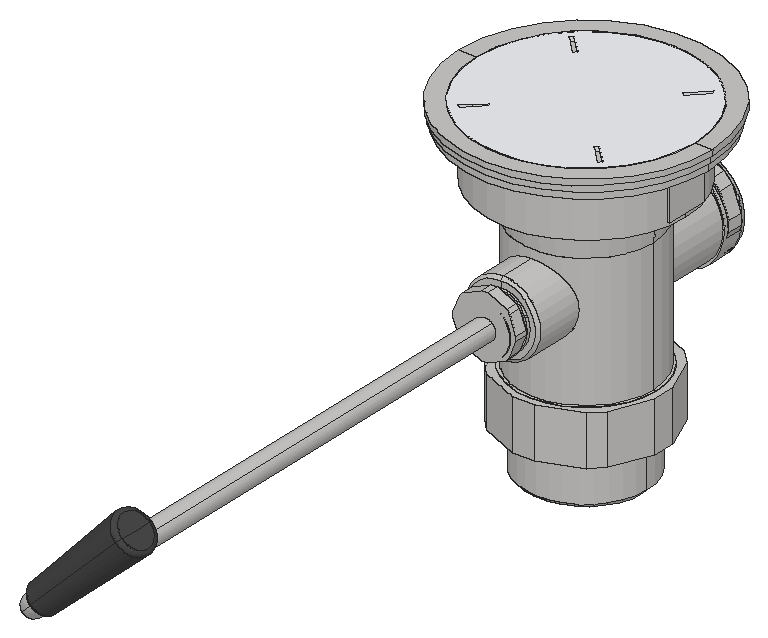
Revit family "QF_T&S_B-3950", category Specialty Equipment, Revit 2012
Parameters
  Weight in Pounds = 0
  Waste Water Discharge Temperature = -459.67 °F
  URL Cutsheet = ""
  URL = "http://www.tsbrass.com/"
  Type Mark [instance] = ""
  Specification by User [instance] = ""
  Specification by Manufacturer = ""
  Serial Number = ""
  Seismic Rating = ""
  SMACNA No = ""
  Revision Code [instance] = ""
  Product Documentation Link = "http://catalog.tsbrass.com/"
  Plumbing Remarks = "Discharge rate: 17.14 GPM max"
  Omniclass Number and Title = ""
  NAFEM Spec ID Number = ""
  Model = "B-3950"  # constant formula
  Masterspec = ""
  Manufacturer Phone = ""
  Manufacturer Fax = ""
  Manufacturer Email = ""
  Manufacturer Address = ""
  Manufacturer = "T&S Brass and Bronze Works, Inc."  # constant formula
  Item Number [instance] = ""
  Installed By [instance] = ""
  Indirect Waste Size = 2"
  Indirect Waste Flow = 17.14 GPM
  Indirect Waste Connection Type = ""
  Indirect Waste Connection Height = 0"
  Identify Quantity as Lot [instance] = yes
  Furnished By [instance] = ""
  Foodservice Equipment Identifier [instance] = yes
  Faucet Material = QF_Metal-Stainless-Polished
  Description = "Rotary Waste Valve for 3 1/2” Sink Opening with Rough Chrome Plated Body, 2” NPT Male Outlet / 1 1/2” NPT Female Outlet, Twist Handle with Heat Resistant Plastic Grip, 2” NPT Female X 1 1/2” NPT Male Adapter, 3 1/2” Snap-In Removable Strainer and Overflow Outlet with Cap"  # constant formula
  CSI MasterFormat = ""
  CSI Master Format = ""
Reference planes (in)
  plane 1 "BACK": y = 0
  plane 2: z = 0
  plane 3 "LEFT": x = 3.35835
  plane 4 "RIGHT": x = -1.07828
  plane 5 "FRONT": y = -12.125
  plane 6 "TOP": z = 2.625
  plane 7: x = 1.14003
  plane 8: y = -6.0625
  plane 9: z = -3.1875
Forms (in)
  Revolve 1, solid, material "QF_Metal-Stainless-Polished"
    sketch origin (-22.85997, 0, -2.21875) x (-1, 0, 0) y (0, 0, -1)
      loop
        line (-25.75, -4.3375) -> (-26.14189, -4.48623) -> (-26.14189, -4.62) -> (-26.18, -4.62) -> (-26.18, -4.7435) -> (-26.21875, -4.7435) -> (-26.21875, -4.84375) -> (-25.91398, -4.84375) -> (-25.91398, -4.78125) -> (-24, -4.78125) -> (-24, 0.96875) -> (-25, 0.96875) -> (-25.07, 0.89875) -> (-25.07, 0.15625) -> (-25.23259, 0.15625) -> (-25.23259, -0.71875) -> (-25.181, -0.71875) -> (-25.181, -3.02029) -> (-25.215, -3.37) -> (-25.75, -3.62) -> (-25.75, -4.3375)
      axis (-24, 0.96875) -> (-24, -4.84375)
    angle from 0 to 360
  Extrusion 2, solid, material "QF_Metal-Stainless-Polished"
    sketch origin (-22.85997, -15.375, 0) x (1, 0, 0) y (0, 1, 0)
      loop
        line (25.35759, 15.18215) -> (25.35759, 15.56785) -> (25.09092, 16.20902) -> (24.83403, 16.4659) -> (24.19212, 16.73283) -> (23.80814, 16.73283) -> (23.16578, 16.46572) -> (22.90953, 16.20946) -> (22.64241, 15.56722) -> (22.64241, 15.18278) -> (22.92362, 14.50665) -> (23.1319, 14.29838) -> (23.80814, 14.01717) -> (24.19212, 14.01717) -> (24.86792, 14.29819) -> (25.07682, 14.50709) -> (25.35759, 15.18215)
    from -2.375 to -1.5
  Revolve 3, solid, material "QF_Metal-Stainless-Polished"
    sketch origin (1.14003, -25.28125, 24.03625) x (0, 0, -1) y (0, 1, 0)
      loop
        line (24.03625, 25.75) -> (24.03625, 27.75246) -> (23.30692, 27.75246)
        arc (23.30692, 27.75246) -> (23.22354, 27.71792) -> (23.189, 27.63454) r 0.11792
        line (23.189, 27.63454) -> (23.189, 27.25246) -> (23.22875, 27.25246) -> (23.22875, 25.75) -> (24.03625, 25.75)
      axis (24.03625, 27.75246) -> (24.03625, 25.75)
    angle from 0 to 360
  Extrusion 4, solid, material "QF_Metal-Stainless-Polished"
    sketch origin (1.14003, 1.82812, 0.03625) x (-1, 0, 0) y (0, 0, 1)
      loop
        line (-0.70719, 0.50182) -> (-0.86349, 0.09465) -> (-0.86349, -0.09465) -> (-0.70719, -0.50182) -> (-0.57102, -0.65623) -> (-0.12239, -0.86163) -> (0.12239, -0.86163) -> (0.57102, -0.65623) -> (0.70719, -0.50182) -> (0.86349, -0.09465) -> (0.86349, 0.09465) -> (0.70719, 0.50182) -> (0.57102, 0.65623) -> (0.12239, 0.86163) -> (-0.12239, 0.86163) -> (-0.57102, 0.65623) -> (-0.70719, 0.50182)
    from 0.20558 to 0.47608
  Extrusion 5, solid, material "QF_Metal-Stainless-Polished"
    sketch origin (1.14003, 1.82812, 0.03625) x (-1, 0, 0) y (0, 0, 1)
      loop
        line (0.05426, 0.54913) -> (-0.05426, 0.54913) -> (-0.38056, 0.39974) -> (-0.43561, 0.33731) -> (-0.55099, 0.03673) -> (-0.55099, -0.03673) -> (-0.43561, -0.33731) -> (-0.38056, -0.39974) -> (-0.05426, -0.54913) -> (0.05426, -0.54913) -> (0.38056, -0.39974) -> (0.43561, -0.33731) -> (0.55099, -0.03673) -> (0.55099, 0.03673) -> (0.43561, 0.33731) -> (0.38056, 0.39974) -> (0.05426, 0.54913)
    from -4.04458 to -3.83064
  Revolve 6, solid, material "QF_Metal-Stainless-Polished"
    sketch origin (1.14003, -12.125, -3.08875) x (0, -1, 0) y (0, 0, -1)
      loop
        line (-11.60637, -3.745) -> (-10.3225, -3.745) -> (-10.2725, -3.695) -> (-10.2725, -3.58555) -> (-10.22854, -3.58555) -> (-10.22854, -3.53656) -> (-9.90854, -3.53656) -> (-9.90854, -3.08875) -> (-11.60637, -3.08875) -> (-11.60637, -3.745)
      axis (-9.90854, -3.08875) -> (-11.60637, -3.08875)
    angle from 0 to 360
  Extrusion 7, solid, material "QF_Metal-Stainless-Polished"
    sketch origin (3.35835, -12.125, -3.125) x (0, -1, 0) y (0, 0, -1)
      loop
        line (-11.75286, -4.60175) -> (-12.49182, -4.60175) -> (-12.49182, -5.16375) -> (-11.75286, -5.16375) -> (-11.75286, -4.60175)
    from -0.53186 to -0.45927
  Extrusion 8, solid, material "QF_Metal-Stainless-Polished"
    sketch origin (-1.07828, -12.125, -3.125) x (0, -1, 0) y (0, 0, 1)
      loop
        line (-11.75286, 4.63525) -> (-11.75286, 4.91625) -> (-12.49182, 4.91625) -> (-12.49182, 4.63525) -> (-11.75286, 4.63525)
    from -0.53186 to -0.45927
  Extrusion 9, solid, material "QF_Ceramic-White"
    sketch origin (1.14003, 0, 2.46245) x (0, 1, 0) y (-1, 0, 0)
      loop
        circle (0, 0) r 1.91398
      loop
        line (-1.27012, -1.21293) -> (-1.22022, -1.26283) -> (-0.91845, -0.96106) -> (-0.96835, -0.91116) -> (-1.27012, -1.21293)
      loop
        line (1.21293, 1.27012) -> (0.91116, 0.96835) -> (0.96106, 0.91845) -> (1.26283, 1.22022) -> (1.21293, 1.27012)
      loop
        line (1.27012, -1.21293) -> (0.96835, -0.91116) -> (0.91845, -0.96106) -> (1.22022, -1.26283) -> (1.27012, -1.21293)
      loop
        line (-1.21293, 1.27012) -> (-1.26283, 1.22022) -> (-0.96106, 0.91845) -> (-0.91116, 0.96835) -> (-1.21293, 1.27012)
    from 0.10005 to 0.16255
  Revolve 10, solid, material "QF_Plastic-Black-Smooth"
    sketch origin (1.74178, -14.26934, 0.60106) x (0.707107, 0, 0.707107) y (0, -1, 0)
      loop
        line (-0.44515, -2.01934) -> (-0.44515, -2.24831)
        arc (-0.44515, -2.24831) -> (-0.43194, -2.28122) -> (-0.39964, -2.29585) r 0.04758
        line (-0.39964, -2.29585) -> (1.80628, -2.39216)
        arc (1.80628, -2.39216) -> (1.85858, -2.37248) -> (1.88053, -2.32109) r 0.07114
        line (1.88053, -2.32109) -> (1.88053, -2.01934) -> (-0.44515, -2.01934)
      axis (-0.44515, -2.01934) -> (1.88053, -2.01934)
    angle from 0 to 360
  Sweep 11, solid, material "QF_Metal-Stainless-Polished"
    path origin (0.33391, 0, -0.80613) x (0.707107, 0, 0.707107) y (0, 1, 0)
      loop
        line (1.54515, -12.25) -> (1.47574, -12.25)
        arc (1.47574, -12.25) -> (1.23836, -12.15168) -> (1.14003, -11.9143) r 0.3357
        line (1.14003, -11.9143) -> (1.14003, -2.21646)
    profile origin (1.14003, -7.06538, 0) x (-0.707107, 0, -0.707107) y (-0.707107, 0, 0.707107)
      loop
        circle (0, 0) r 0.1875
Lines and regions (in)
  symbolic lines
    curve 1: circle (1.14003, 0, 0) r 2.21875 normal (0, 0, 1)
    curve 2: circle (1.14003, 0, 0) r 1.91398 normal (0, 0, -1)
    curve 3: line (0.27655, 2.30421, 0) -> (2.00352, 2.30421, 0)
    curve 4: line (2.00352, 2.30421, 0) -> (2.00352, 2.04383, 0)
    curve 5: line (0.27655, 2.30421, 0) -> (0.27655, 2.04383, 0)
    curve 6: line (0.40842, 2.47086, 0) -> (1.87165, 2.47086, 0)
    curve 7: line (1.98679, 2.30421, 0) -> (1.98679, 2.35572, 0)
    curve 8: arc (1.98679, 2.35572, 0) -> (1.95306, 2.43714, 0) -> (1.87165, 2.47086, 0) r 0.11514
    curve 9: line (0.29328, 2.30421, 0) -> (0.29328, 2.35572, 0)
    curve 10: arc (0.29328, 2.35572, 0) -> (0.32701, 2.43714, 0) -> (0.40842, 2.47086, 0) r 0.11514
    curve 11: line (-0.08019, -1.26283, 0) -> (0.22158, -0.96106, 0)
    curve 12: line (0.22158, -0.96106, 0) -> (0.17169, -0.91116, 0)
    curve 13: line (0.17169, -0.91116, 0) -> (-0.13008, -1.21293, 0)
    curve 14: line (-0.13008, -1.21293, 0) -> (-0.08019, -1.26283, 0)
    curve 15: line (2.0512, -0.96835, 0) -> (2.35297, -1.27012, 0)
    curve 16: line (2.35297, -1.27012, 0) -> (2.40287, -1.22022, 0)
    curve 17: line (2.40287, -1.22022, 0) -> (2.1011, -0.91845, 0)
    curve 18: line (2.1011, -0.91845, 0) -> (2.0512, -0.96835, 0)
    curve 19: line (2.1011, 0.91845, 0) -> (2.40287, 1.22022, 0)
    curve 20: line (2.40287, 1.22022, 0) -> (2.35297, 1.27012, 0)
    curve 21: line (2.35297, 1.27012, 0) -> (2.0512, 0.96835, 0)
    curve 22: line (2.0512, 0.96835, 0) -> (2.1011, 0.91845, 0)
    curve 23: line (0.22158, 0.96106, 0) -> (-0.08019, 1.26283, 0)
    curve 24: line (-0.08019, 1.26283, 0) -> (-0.13008, 1.21293, 0)
    curve 25: line (-0.13008, 1.21293, 0) -> (0.17169, 0.91116, 0)
    curve 26: line (0.17169, 0.91116, 0) -> (0.22158, 0.96106, 0)
    curve 27: line (1.69102, -2.21646, 0) -> (0.58905, -2.21646, 0)
    curve 28: line (0.58905, -2.21646, 0) -> (0.58905, -2.14925, 0)
    curve 29: line (1.69102, -2.21646, 0) -> (1.69102, -2.14925, 0)
    curve 30: line (1.32802, -2.21646, 0) -> (1.32802, -11.91068, 0)
    curve 31: line (0.95205, -2.21646, 0) -> (0.95205, -11.91229, 0)
    curve 32: line (1.54515, -12.48175, 0) -> (1.54515, -12.01825, 0)
    curve 33: line (1.58795, -11.97352, 0) -> (3.79395, -11.876, 0)
    curve 34: line (3.87083, -11.94957, 0) -> (3.87083, -12.54809, 0)
    curve 35: line (1.58623, -12.52468, 0) -> (3.79334, -12.62224, 0)
    curve 36: arc (1.54515, -12.01825, 0) -> (1.55758, -11.9873, 0) -> (1.58795, -11.97352, 0) r 0.04478
    curve 37: arc (1.58623, -12.52468, 0) -> (1.55708, -12.51146, 0) -> (1.54515, -12.48175, 0) r 0.04297
    curve 38: arc (3.79395, -11.876, 0) -> (3.8481, -11.89636, 0) -> (3.87083, -11.94957, 0) r 0.07363
    curve 39: arc (3.87083, -12.54809, 0) -> (3.84792, -12.60172, 0) -> (3.79334, -12.62224, 0) r 0.07422
    curve 40: line (1.54515, -12.06239, 0) -> (1.47974, -12.06239, 0)
    curve 41: arc (1.32802, -11.91068, 0) -> (1.37246, -12.01796, 0) -> (1.47974, -12.06239, 0) r 0.15172
    curve 42: line (1.54515, -12.43987, 0) -> (1.47963, -12.43987, 0)
    curve 43: arc (1.47963, -12.43987, 0) -> (1.10657, -12.28535, 0) -> (0.95205, -11.91229, 0) r 0.52758
Dimensions and locks (in)
  plane 4 "RIGHT" to plane 3 "LEFT" = 4.43662"
  plane 5 "FRONT" to plane 1 "BACK" = 12 1/8"  (x2)
  equal spacing: plane 4 "RIGHT", plane 7, plane 3 "LEFT"
  equal spacing: plane 5 "FRONT", plane 8, plane 1 "BACK"
  plane 6 "TOP" to plane 2 = 2 5/8"
  plane 6 "TOP" to level = 2 5/8"
  plane 3 "LEFT" to plane 4 "RIGHT" = 4.43662"
  plane 6 "TOP" to plane 9 = 5 13/16"
  aligned and locked: level to plane 2
Automatic sketch dimensions
  curve 1 to curve 2 = 0"  (x2)
  plane 1 "BACK" to curve 2 = 0"
  curve 2 to plane 7 = 0"
  curve 10 to plane 7 = 0.73161"
  curve 9 to curve 10 = 0.11514"
  curve 5 to curve 9 = 0.01674"
  curve 23 to plane 7 = 0.91845"
  curve 11 to plane 7 = 0.91845"
  curve 12 to curve 11 = 0.0499"
  curve 25 to curve 23 = 0.0499"
  curve 14 to curve 11 = 0.30177"
  curve 23 to curve 23 = 0.30177"
  plane 7 to curve 8 = 0.73161"
  curve 8 to curve 7 = 0.11514"
  curve 7 to curve 3 = 0.01674"
  plane 7 to curve 22 = 0.91116"
  plane 7 to curve 18 = 0.91116"
  curve 21 to curve 22 = 0.0499"
  curve 15 to curve 18 = 0.0499"
  curve 15 to curve 16 = 0.30177"
  curve 21 to curve 21 = 0.30177"
  plane 1 "BACK" to curve 28 = 2.21646"
  curve 27 to curve 28 = 0.06721"
  curve 29 to curve 15 = 0.87913"
  curve 28 to curve 11 = 0.88641"
  curve 15 to curve 17 = 0.0499"
  curve 11 to curve 13 = 0.0499"
  curve 25 to plane 1 "BACK" = 0.91116"
  curve 22 to plane 1 "BACK" = 0.91845"
  curve 25 to curve 26 = 0.0499"
  curve 19 to curve 22 = 0.0499"
  curve 5 to curve 3 = 0.26038"
  curve 7 to curve 8 = 0.05151"
  plane 1 "BACK" to Extrusion 2 sketch curve = 0.19222"
  Extrusion 2 sketch curve to plane 4 "RIGHT" = 0.86072"
  Extrusion 2 sketch curve to Extrusion 2 sketch curve = 0.26712"
  Extrusion 2 sketch curve to Extrusion 2 sketch curve = 0.28122"
  Extrusion 2 sketch curve to Extrusion 2 sketch curve = 0.20827"  (x2)
  Extrusion 2 sketch curve to Extrusion 2 sketch curve = 0.25626"  (x2)
  Extrusion 2 sketch curve to plane 7 = 0.19186"  (x2)
  plane 7 to Extrusion 2 sketch curve = 0.19212"  (x2)
  Extrusion 2 sketch curve to Extrusion 2 sketch curve = 0.64192"
  Extrusion 2 sketch curve to Extrusion 2 sketch curve = 0.67581"
  Extrusion 2 sketch curve to Extrusion 2 sketch curve = 0.2089"  (x2)
  Extrusion 2 sketch curve to Extrusion 2 sketch curve = 0.25688"  (x2)
  Extrusion 2 sketch curve to plane 1 "BACK" = 0.19285"
  Extrusion 2 sketch curve to Extrusion 2 sketch curve = 0.26668"
  plane 1 "BACK" to Extrusion 2 sketch curve = 0.19285"
  Extrusion 2 sketch curve to Extrusion 2 sketch curve = 0.67506"
  Extrusion 2 sketch curve to Extrusion 2 sketch curve = 0.67613"
  Extrusion 2 sketch curve to Extrusion 2 sketch curve = 0.28103"
  Extrusion 2 sketch curve to plane 1 "BACK" = 0.19222"
  Extrusion 2 sketch curve to Extrusion 2 sketch curve = 0.64117"
  Extrusion 2 sketch curve to Extrusion 2 sketch curve = 0.64223"
  Extrusion 2 sketch curve to Extrusion 2 sketch curve = 0.26693"
  Revolve 3 sketch curve to level = 0"  (x2)
  Revolve 3 sketch curve to Revolve 3 sketch curve = 0.72933"
  Revolve 3 sketch curve to Revolve 3 sketch curve = 0.8075"
  Revolve 3 sketch curve to Revolve 3 sketch curve = 0.03975"
  Revolve 3 sketch curve to plane 1 "BACK" = 0.15045"
  Revolve 3 sketch curve to Revolve 3 sketch curve = 0.3183"
  Revolve 3 sketch curve to Revolve 3 sketch curve = 0.0416"
  Revolve 3 sketch curve to Revolve 3 sketch curve = 1.50246"
  Revolve 3 sketch curve to Revolve 3 sketch curve = 0.38208"
  level to Extrusion 4 sketch curve = 0.1309"  (x2)
  plane 7 to Extrusion 4 sketch curve = 0.86349"
  Extrusion 4 sketch curve to Extrusion 4 sketch curve = 0.1563"  (x3)
  Extrusion 4 sketch curve to Extrusion 4 sketch curve = 0.13617"  (x4)
  plane 7 to Extrusion 4 sketch curve = 0.12239"  (x2)
  Extrusion 4 sketch curve to plane 7 = 0.12239"  (x2)
  Extrusion 4 sketch curve to Extrusion 4 sketch curve = 0.44863"  (x2)
  Extrusion 4 sketch curve to level = 0.0584"  (x2)
  Extrusion 4 sketch curve to Extrusion 4 sketch curve = 0.40716"  (x4)
  Extrusion 4 sketch curve to Extrusion 4 sketch curve = 0.15441"  (x4)
  Extrusion 4 sketch curve to Extrusion 4 sketch curve = 0.2054"  (x2)
  level to Extrusion 5 sketch curve = 0.07298"  (x2)
  plane 7 to Extrusion 5 sketch curve = 0.55099"
  Extrusion 5 sketch curve to Extrusion 5 sketch curve = 0.11538"  (x3)
  Extrusion 5 sketch curve to Extrusion 5 sketch curve = 0.05505"  (x4)
  plane 7 to Extrusion 5 sketch curve = 0.05426"  (x2)
  Extrusion 5 sketch curve to plane 7 = 0.05426"  (x2)
  Extrusion 5 sketch curve to Extrusion 5 sketch curve = 0.3263"  (x2)
  Extrusion 5 sketch curve to level = 0.00048"  (x2)
  Extrusion 5 sketch curve to level = 0.30106"  (x2)
  Extrusion 5 sketch curve to Extrusion 5 sketch curve = 0.06242"  (x4)
  Extrusion 5 sketch curve to Extrusion 5 sketch curve = 0.1494"  (x2)
  Extrusion 5 sketch curve to Extrusion 5 sketch curve = 0.30058"  (x2)
  Revolve 6 sketch curve to level = 0"  (x2)
  plane 1 "BACK" to Revolve 6 sketch curve = 0.43571"
  Revolve 6 sketch curve to Revolve 6 sketch curve = 0.08291"
  plane 1 "BACK" to Revolve 6 sketch curve = 0.51863"
  Revolve 6 sketch curve to Revolve 6 sketch curve = 1.28387"
  Revolve 6 sketch curve to Revolve 6 sketch curve = 0.05"
  Revolve 6 sketch curve to Revolve 6 sketch curve = 0.04396"
  Revolve 6 sketch curve to Revolve 6 sketch curve = 0.32"
  Revolve 6 sketch curve to Revolve 6 sketch curve = 0.44781"
  Revolve 6 sketch curve to Revolve 6 sketch curve = 0.04899"
  Revolve 6 sketch curve to Revolve 6 sketch curve = 0.10945"
  Revolve 6 sketch curve to Revolve 6 sketch curve = 21/32"
  Extrusion 7 sketch curve to plane 1 "BACK" = 0.36682"
  plane 1 "BACK" to Extrusion 7 sketch curve = 0.37214"
  Extrusion 7 sketch curve to Extrusion 7 sketch curve = 0.562"
  Extrusion 8 sketch curve to plane 1 "BACK" = 0.36682"
  plane 1 "BACK" to Extrusion 8 sketch curve = 0.37214"
  level to Extrusion 8 sketch curve = 1.51025"
  Extrusion 8 sketch curve to Extrusion 8 sketch curve = 0.281"
  Extrusion 9 sketch curve to Extrusion 9 sketch curve = 0"  (x2)
  plane 1 "BACK" to Extrusion 9 sketch curve = 0"
  Extrusion 9 sketch curve to plane 7 = 0"
  plane 1 "BACK" to Extrusion 9 sketch curve = 0.91116"
  plane 1 "BACK" to Extrusion 9 sketch curve = 0.91845"
  Extrusion 9 sketch curve to Extrusion 9 sketch curve = 0.0499"  (x8)
  Extrusion 9 sketch curve to Extrusion 9 sketch curve = 0.30177"  (x4)
  Extrusion 9 sketch curve to plane 1 "BACK" = 0.91116"
  Extrusion 9 sketch curve to plane 1 "BACK" = 0.91845"
  plane 7 to Extrusion 9 sketch curve = 0.91116"  (x2)
  Extrusion 9 sketch curve to plane 3 "LEFT" = 0.30433"
  Extrusion 9 sketch curve to plane 7 = 0.91845"  (x2)
  level to Extrusion 7 sketch curve = 2.03875"
  curve 27 to plane 7 = 0.55099"
  plane 7 to curve 29 = 0.55099"
  curve 31 to plane 7 = 0.18798"
  plane 7 to curve 30 = 0.18798"
  plane 7 to curve 43 = 0.33959"
  curve 43 to curve 41 = 0.00011"
  curve 41 to curve 40 = 0.06542"
  curve 32 to curve 37 = 0.04107"
  curve 32 to curve 36 = 0.0428"
  curve 33 to plane 5 "FRONT" = 0.15148"
  curve 32 to curve 37 = 11/256"
  curve 32 to curve 36 = 0.04478"
  plane 3 "LEFT" to curve 39 = 0.43499"
  curve 35 to curve 39 = 0.00328"
  curve 33 to curve 38 = 0.00325"
  curve 38 to curve 38 = 0.07363"
  curve 39 to curve 34 = 19/256"
  curve 40 to plane 5 "FRONT" = 0.06261"
  plane 5 "FRONT" to curve 42 = 0.31487"
  curve 32 to curve 42 = 0.04188"
  plane 5 "FRONT" to curve 34 = 0.42309"
  curve 34 to plane 5 "FRONT" = 0.17543"
  Revolve 10 sketch curve to plane 5 "FRONT" = 0.10397"
  Revolve 10 sketch curve to plane 5 "FRONT" = 0.15151"
  Revolve 10 sketch curve to Revolve 10 sketch curve = 0.04551"
  Revolve 10 sketch curve to plane 5 "FRONT" = 0.24782"
  Revolve 10 sketch curve to Revolve 10 sketch curve = 2.20592"
  Revolve 10 sketch curve to Revolve 10 sketch curve = 0.0031"
  Revolve 10 sketch curve to Revolve 10 sketch curve = 0.07114"
  Revolve 10 sketch curve to Revolve 10 sketch curve = 0"  (x2)
  Revolve 10 sketch curve to Revolve 10 sketch curve = 0.06612"
  plane 5 "FRONT" to Revolve 10 sketch curve = 1/8"
  plane 1 "BACK" to Sweep 11 sketch curve = 2.21646"
  Sweep 11 sketch curve to Sweep 11 sketch curve = 0.3357"
  Sweep 11 sketch curve to Sweep 11 sketch curve = 0.06942"
  Sweep 11 sketch curve to plane 5 "FRONT" = 0.2107"
  Sweep 11 sketch curve to profile plane = 0"
  profile plane to Sweep 11 sketch curve = 0"
  Revolve 1 sketch curve to plane 6 "TOP" = 0"
  Revolve 1 sketch curve to plane 9 = 0"
  Revolve 1 sketch curve to plane 7 = 0"  (x2)
  plane 7 to Revolve 1 sketch curve = 1"
  Revolve 1 sketch curve to Revolve 1 sketch curve = 0.07"
  Revolve 1 sketch curve to plane 3 "LEFT" = 1.03731"
  Revolve 1 sketch curve to Revolve 1 sketch curve = 0.034"
  Revolve 1 sketch curve to Revolve 1 sketch curve = 0.16259"
  Revolve 1 sketch curve to plane 3 "LEFT" = 0.46831"
  Revolve 1 sketch curve to plane 6 "TOP" = 1/16"
  Revolve 1 sketch curve to plane 3 "LEFT" = 0.30433"
  Revolve 1 sketch curve to plane 3 "LEFT" = 0.07642"
  Revolve 1 sketch curve to plane 3 "LEFT" = 0.03831"
  plane 3 "LEFT" to Revolve 1 sketch curve = 0.00044"
  plane 6 "TOP" to Revolve 1 sketch curve = 21/32"
  Revolve 1 sketch curve to plane 6 "TOP" = 0.10025"
  Revolve 1 sketch curve to Revolve 1 sketch curve = 0.1235"
  Revolve 1 sketch curve to Revolve 1 sketch curve = 9/32"
  Revolve 1 sketch curve to Revolve 1 sketch curve = 0.13377"
  Revolve 1 sketch curve to Revolve 1 sketch curve = 0.14873"
  Revolve 1 sketch curve to Revolve 1 sketch curve = 0.7175"
  Revolve 1 sketch curve to Revolve 1 sketch curve = 1/4"
  Revolve 1 sketch curve to Revolve 1 sketch curve = 0.34971"
  Revolve 1 sketch curve to level = 1 1/2"
  plane 9 to Revolve 1 sketch curve = 13/16"
  plane 9 to Revolve 1 sketch curve = 0.07"
  radius of curve 2 = 1.91398"
  radius of Sweep 11 sketch curve = 3/16"
Connectors (in)
  piping at (1.14003, 0, -3.1875)
    settings: on Revolve 1, index 2, connector radius 1", flow factor 0, pipe flow 0.00 GPM, pressure drop 0.00 psi, fitting loss kfactor 0, connector angle 0.00°, fixture units 0, engagement length 0", flow configuration 1, flow direction 1, fitting loss method 0, system type 16, joint type 0, gender type 0, connector reference index -1, connector utility 0, adjustable connector no, is connector primary yes, fitting loss table "", connector description "DRAIN"
